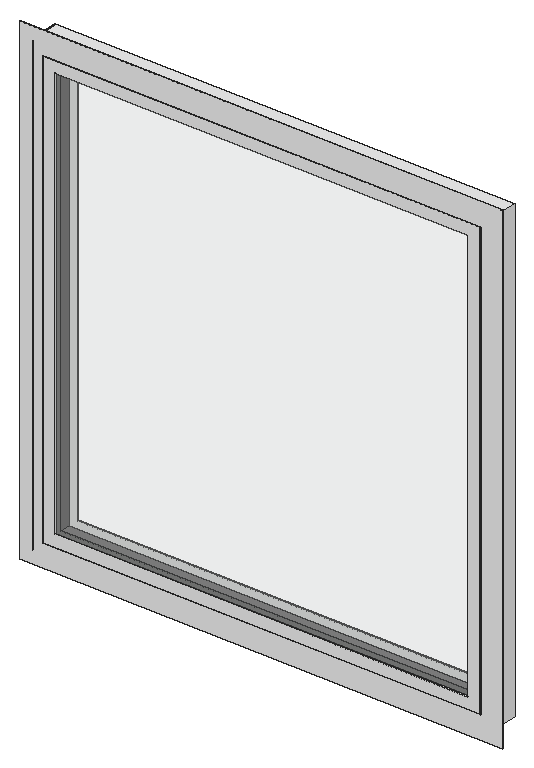
Revit family "Casement_34_F_Side_Hung_Standard", category Windows, host Wall, Revit 2014
Parameters (values of type "Casement_Sash_DG")
  Width Sash [instance] = 30 mm
  Width Sash Inner = 15 mm
  Width Bead = 15 mm
  Top Hung [instance] = yes
  Side Hung Right [instance] = yes
  Side Hung Left [instance] = yes
  Sash Opening Width [instance] = 600 mm
  Sash Opening Height [instance] = 600.312 mm
  Sash Lip = 15 mm
  Glazing Material [instance] = Glass
  DG Start Piece 2 [instance] = DG End Piece 1 + DG Gasket Thickness  # 25 mm
  DG Start Peice 1 [instance] = (Depth Sash - (2 * DG Glazing Thickness) - DG Gasket Thickness) / 2  # 6.6 mm
  Glazing Offset = 5 mm
  DG Glazing Thickness [instance] = 6.4 mm
  DG Gasket Thickness = 12 mm  # constant formula
  DG Gasket Material [instance] = Double Glazing Gasket Material
  DG End Piece 2 [instance] = DG Start Piece 2 + DG Glazing Thickness  # 31.4 mm
  DG End Piece 1 [instance] = DG Start Peice 1 + DG Glazing Thickness  # 13 mm
  Depth Sash [instance] = 38 mm
  Center Vertical Sash [instance] = Sash Opening Height / 2  # 300.156 mm
  Center Horizontal Sash [instance] = Sash Opening Width / 2  # 300 mm
  Bottom Hung [instance] = yes
  Bead Offset = 15 mm
  Aluminium Thickness = 1 mm
  Aluminium Material [instance] = White Powder Coated Aluminium
Reference planes
  plane 1 "Center (Front/Back)": y = 0
  plane 2: z = 0
  plane 3 "Center (Left/Right)": x = 0
Forms (mm)
  Sweep 1, solid, material "White Powder Coated Aluminium" <- "Aluminium Material"
    path origin (16.177, 0, 121.331) x (1, 0, 0) y (0, 0, 1)
      loop
        line (0, 0) -> (600, 0) -> (600, 600.312) -> (0, 600.312) -> (0, 0)
    profile origin (316.177, 0, 121.331) x (0, 0, 1) y (0, -1, 0)
      loop
        line (0, 0) -> (30, 0) -> (30, 1) -> (15, 1) -> (15, 38) -> (-15, 38) -> (-15, 37) -> (0, 37) -> (0, 0)
      loop
        line (14, 1) -> (14, 37) -> (1, 37) -> (1, 1) -> (14, 1)
  Sweep 2, solid, material "White Powder Coated Aluminium" <- "Aluminium Material"
    path origin (0, 0, 0) x (1, 0, 0) y (0, 0, 1)
      loop
        line (31.177, 706.643) -> (31.177, 136.331) -> (601.177, 136.331) -> (601.177, 706.643) -> (31.177, 706.643)
    profile origin (316.177, 0, 706.643) x (0, 0, 1) y (0, -1, 0)
      loop
        line (0, 37) -> (0, 38) -> (-15, 38) -> (-15, 37) -> (0, 37)
  Extrusion 3, solid, material "Glass" <- "Glazing Material"
    sketch origin (0, 0, 0) x (1, 0, 0) y (0, 0, 1)
      loop
        line (36.177, 701.643) -> (36.177, 141.331) -> (596.177, 141.331) -> (596.177, 701.643) -> (36.177, 701.643)
    from 6.6 <- "DG Start Peice 1" to 13 <- "DG End Piece 1"
  Extrusion 4, solid, material "Glass" <- "Glazing Material"
    sketch origin (0, 0, 0) x (1, 0, 0) y (0, 0, 1)
      loop
        line (36.177, 701.643) -> (36.177, 141.331) -> (596.177, 141.331) -> (596.177, 701.643) -> (36.177, 701.643)
    from 31.4 <- "DG End Piece 2" to 25 <- "DG Start Piece 2"
  Sweep 5, solid, material "Double Glazing Gasket Material" <- "DG Gasket Material"
    path origin (0, -13, 0) x (1, 0, 0) y (0, 0, 1)
      loop
        line (36.177, 701.643) -> (36.177, 141.331) -> (596.177, 141.331) -> (596.177, 701.643) -> (36.177, 701.643)
    profile origin (316.177, -13, 701.643) x (0, 0, 1) y (0, -1, 0)
      loop
        line (0, 0) -> (0, 12) -> (-7.96, 12) -> (-7.96, 0) -> (0, 0)
Lines and regions (mm)
  model lines
    curve 1: line (1.177, -38, 736.643) -> (31.177, -38, 706.643)
    curve 2: line (601.177, -38, 706.643) -> (631.177, -38, 736.643)
    curve 3: line (601.177, -38, 136.331) -> (631.177, -38, 106.331)
    curve 4: line (1.177, -38, 106.331) -> (31.177, -38, 136.331)
    curve 5: line (631.177, -37, 736.643) -> (616.177, -37, 721.643)
    curve 6: line (1.177, -37, 736.643) -> (16.177, -37, 721.643)
    curve 7: line (1.177, -37, 106.331) -> (16.177, -37, 121.331)
    curve 8: line (631.177, -37, 106.331) -> (616.177, -37, 121.331)
    curve 9: line (616.177, 0, 121.331) -> (586.177, 0, 151.331)
    curve 10: line (46.177, 0, 151.331) -> (16.177, 0, 121.331)
    curve 11: line (616.177, 0, 721.643) -> (586.177, 0, 691.643)
    curve 12: line (46.177, 0, 691.643) -> (16.177, 0, 721.643)
    curve 13: line (31.177, -38, 691.643) -> (46.177, -38, 691.643)
    curve 14: line (586.177, -38, 691.643) -> (601.177, -38, 691.643)
    curve 15: line (586.177, -38, 151.331) -> (601.177, -38, 151.331)
    curve 16: line (31.177, -38, 151.331) -> (46.177, -38, 151.331)
  model lines, style "GenericModelHiddenLines", visible <- "Top Hung"
    curve 17: line (46.386, -31.4, 690.914) -> (316.177, -31.4, 151.331)
    curve 18: line (316.177, -31.4, 151.331) -> (586.177, -31.4, 691.331)
  model lines, style "GenericModelHiddenLines", visible <- "Bottom Hung"
    curve 19: line (46.177, -31.4, 151.331) -> (316.177, -31.4, 691.331)
    curve 20: line (316.177, -31.4, 691.331) -> (586.177, -31.4, 151.331)
  model lines, style "GenericModelHiddenLines", visible <- "Side Hung Left"
    curve 21: line (46.386, -31.4, 690.914) -> (585.24, -31.4, 421.487)
    curve 22: line (585.24, -31.4, 421.487) -> (46.177, -31.4, 151.331)
  model lines, style "GenericModelHiddenLines", visible <- "Side Hung Right"
    curve 23: line (586.177, -31.4, 691.331) -> (46.177, -31.4, 421.487)
    curve 24: line (46.177, -31.4, 421.487) -> (586.177, -31.4, 151.331)
Dimensions and locks
  "Aluminium Thickness": Sweep 1 sketch curve to Sweep 1 sketch curve  (x4)
  "Depth Sash": Sweep 1 sketch curve to Sweep 1 sketch curve
  "Sash Opening Width": Sweep 1 to Sweep 1
  "Sash Opening Height": Sweep 1 to Sweep 1
  "Width Sash": Sweep 1 sketch curve to Sweep 1 sketch curve  (x2)
  "Width Sash Inner": Sweep 1 sketch curve to Sweep 1 sketch curve
  "Sash Lip": Sweep 1 sketch curve to Sweep 1 sketch curve
  "Aluminium Thickness": Sweep 1 to Sweep 2 sketch curve
  "Glazing Offset": Sweep 2 to Extrusion 3 sketch curve  (x3)
  "Glazing Offset": Extrusion 3 sketch curve to Sweep 2
  Sweep 1 to Sweep 1 = 1 mm
  "Aluminium Thickness": Sweep 2 sketch curve to Sweep 2 sketch curve
  "Width Bead": Sweep 2 sketch curve to Sweep 2 sketch curve
  locked: Sweep 5 sketch curve to Sweep 5 sketch curve at 7.96
  "Center Horizontal Sash": Sweep 1 to curve 18
  "Center Horizontal Sash": Sweep 1 to curve 20
  "Center Vertical Sash": Sweep 1 to curve 22
  "Center Vertical Sash": Sweep 1 to curve 24
  aligned and locked: level to plane 2
  aligned and locked: Sweep 1 sketch curve to Sweep 1 sketch curve  (x2)
  aligned and locked: Sweep 2 sketch curve to Sweep 1  (x5)
  aligned and locked: Extrusion 4 sketch curve to Extrusion 3  (x4)
  aligned and locked: Sweep 5 sketch curve to Extrusion 3  (x5)
  aligned and locked: Extrusion 3 to Sweep 5 sketch curve
Automatic sketch dimensions
  plane 3 "Center (Left/Right)" to Sweep 1 sketch curve = 16.177 mm
  level to Sweep 1 sketch curve = 121.331 mm
  plane 3 "Center (Left/Right)" to Sweep 1 sketch curve = 616.177 mm
  level to Sweep 1 sketch curve = 721.643 mm
  profile plane to Sweep 5 sketch curve = 12 mm
  curve 7 to Sweep 1 = 0 mm  (x4)
  curve 6 to Sweep 1 = 0 mm  (x3)
  Sweep 1 to curve 6 = 0 mm
  curve 5 to Sweep 1 = 0 mm  (x3)
  curve 8 to Sweep 1 = 0 mm  (x4)
  Sweep 1 to curve 5 = 0 mm
  curve 16 to Sweep 2 = 0 mm  (x3)
  curve 13 to Sweep 2 = 0 mm  (x3)
  curve 15 to Sweep 2 = 0 mm
  Sweep 2 to curve 15 = 0 mm  (x2)
  curve 14 to Sweep 2 = 0 mm  (x2)
  Sweep 2 to curve 14 = 0 mm
  curve 1 to Sweep 1 = 0 mm  (x4)
  curve 4 to Sweep 1 = 0 mm  (x3)
  Sweep 1 to curve 4 = 0 mm
  curve 3 to Sweep 1 = 0 mm  (x3)
  curve 2 to Sweep 1 = 0 mm  (x4)
  Sweep 1 to curve 3 = 0 mm
  curve 10 to Sweep 1 = 0 mm  (x4)
  curve 12 to Sweep 1 = 0 mm  (x3)
  Sweep 1 to curve 12 = 0 mm
  curve 9 to Sweep 1 = 0 mm  (x4)
  curve 11 to Sweep 1 = 0 mm  (x3)
  Sweep 1 to curve 11 = 0 mm
  Sweep 1 sketch curve to plane 1 "Center (Front/Back)" = 0 mm
  profile plane to Sweep 1 sketch curve = 0 mm
  curve 21 to Extrusion 4 = 10.208 mm
  curve 19 to Extrusion 4 = 10 mm
  curve 23 to Extrusion 4 = 10 mm  (x2)
  curve 22 to Extrusion 4 = 10.937 mm
  curve 20 to Extrusion 4 = 10 mm
  curve 24 to Extrusion 4 = 10 mm
  curve 22 to Extrusion 4 = 10 mm
  curve 18 to Extrusion 4 = 10 mm
  curve 21 to Extrusion 4 = 10.729 mm
  curve 19 to Extrusion 4 = 10.312 mm
  curve 18 to Extrusion 4 = 10.312 mm
Types in the file's own list only (12): name | Windload Design | Width Sash Right Opening | Width Sash Left Opening | Width Sash Right | Width Sash Left | Width Profile | Width Fixed Panel Right | Width Fixed Panel Left | Width Fixed Panel Center | Width | URL | Standard Mullion Different | Offset Window Exterior | Max System DG Unit Thickness | Max System DG One Piece Thickness | Max Pane Area | Intruderprufe U Value | Intruderprufe SHGC Value | Intruderprufe LowE SHGC Value | Height Fixed Panel Right | Height Fixed Panel Left | Height | Energy Advantage U Value | Energy Advantage SHGC Value | DG Thickness Calc | Custom Window Width | Custom Window Height | Window Exterior Offset | Custom Windload | Custom Sash Right Width | Custom Sash Right Height | Custom Sash Left Width | Custom Sash Left Height | Side Hung Right | Sash Spacing Inner | Sash Overlap | Sash Center Offset | SG Gasket Thickness | Offset Sash Side | Offset Sash Top | Offset Mullion Right | Offset Fixed Panel Center Left | Offset Mullion Left | Offset Transom Right Top | Offset Transom Left Top | Offset Bead Center Reversed | Model | Manufacturer | Limit Window Width Min | Limit Window Width Max | Limit Window Height Min | Limit Window Height Max | Limit Sash Width Min | Limit Sash Width Max | Limit Sash Height Min | Limit Sash Height Max | Limit Fixed Pane Width Min | Limit Fixed Pane Width Max | Limit Fixed Pane Height Min | Limit Fixed Pane Height Max | Length Transom Right | Length Transom Left | Length Mullion | Height Sash Right Opening | Height Sash Right | Height Sash Left Opening | Height Sash Left | Height Fixed Panel Center | Description | Depth Mullion | Frame Center Offset | Depth Bead | Default Sill Height | Wall Closure | DG Gasket Finish | DG Extrusion Start | Mullion Depth Windload Based | Corrected Mullion Size | Clearvue U Value | Clearvue SHGC Value | Clearvue Insulated U Value | Clearvue Insulated SHGC Value | Clearvue Insulated LowE U Value | Clearvue Insulated LowE SHGC Value | Casement Dimension | Bead SG Gap | Area Pane Right Top | Area Pane Right Bottom | Area Pane Middle | Area Pane Left Top | Area Pane Left Bottom
  34-1815SS-1000Pa | 1000 mm | 554 mm | 554 mm | 524 mm | 524 mm | 30 mm | 540 mm | 540 mm | 590 mm | 1790 mm | "http://www.crealco.co.za/crealco-products.php" | 0 mm | 17 mm | 20 mm | 4 mm | 0.82 m² | 6.32 | 0.643 | 0.573 | 260 mm | 260 mm | 1490 mm | 5.03 | 0.612 | 4 mm | 1790 mm | 1490 mm | 0 mm | 1000 mm | 554 mm | 1154 mm | 554 mm | 1154 mm | No | 8 mm | 7 mm | 14 mm | 6 mm | 23 mm | 23 mm | 570 mm | 600 mm | 570 mm | 1170 mm | 1170 mm | 17 mm | "Casement 34" | "Crealco" | 1400 mm | 2700 mm | 1430 mm | 1860 mm | 300 mm | 700 mm | 300 mm | 1500 mm | 200 mm | 1500 mm | 200 mm | 1800 mm | 540 mm | 540 mm | 1490 mm | 1154 mm | 1124 mm | 1154 mm | 1124 mm | 1430 mm | "Window 34mm, Type F side hung" | 54 mm | 17 mm | 20 mm | 800 mm | By host | Double Glazing Gasket Material | 7 mm | 54 mm | 0 mm | 6.65 | 0.682 | 4.15 | 0.625 | 3.73 | 0.552 | 34 mm | 13 mm | 0.52 m² | 0.13 m² | 0.82 m² | 0.52 m² | 0.13 m²
  34-1815SS-1500Pa | 1500 mm | 554 mm | 554 mm | 524 mm | 524 mm | 30 mm | 540 mm | 540 mm | 590 mm | 1790 mm | "http://www.crealco.co.za/crealco-products.php" | 0 mm | 17 mm | 20 mm | 4 mm | 0.82 m² | 6.32 | 0.643 | 0.573 | 260 mm | 260 mm | 1490 mm | 5.03 | 6.12 | 4 mm | 1790 mm | 1490 mm | 0 mm | 1500 mm | 554 mm | 1154 mm | 554 mm | 1154 mm | No | 8 mm | 7 mm | 14 mm | 6 mm | 23 mm | 23 mm | 570 mm | 600 mm | 570 mm | 1170 mm | 1170 mm | 17 mm | "Casement 34" | "Crealco" | 1400 mm | 2700 mm | 1430 mm | 1860 mm | 300 mm | 700 mm | 300 mm | 1500 mm | 200 mm | 1500 mm | 200 mm | 1800 mm | 540 mm | 540 mm | 1490 mm | 1154 mm | 1124 mm | 1154 mm | 1124 mm | 1430 mm | "Window 34mm, Type F side hung" | 54 mm | 17 mm | 20 mm | 800 mm | By host | Double Glazing Gasket Material | 7 mm | 54 mm | 0 mm | 6.65 | 6.85 | 4.15 | 0.625 | 3.73 | 0.552 | 34 mm | 13 mm | 0.52 m² | 0.13 m² | 0.82 m² | 0.52 m² | 0.13 m²
  34-1815SS-2000Pa | 2000 mm | 554 mm | 554 mm | 524 mm | 524 mm | 30 mm | 540 mm | 540 mm | 590 mm | 1790 mm | "http://www.crealco.co.za/crealco-products.php" | 1 mm | 17 mm | 20 mm | 4 mm | 0.82 m² | 6.32 | 0.643 | 0.573 | 260 mm | 260 mm | 1490 mm | 5.03 | 0.612 | 4 mm | 1790 mm | 1490 mm | 0 mm | 2000 mm | 554 mm | 1154 mm | 554 mm | 1154 mm | No | 8 mm | 7 mm | 14 mm | 6 mm | 23 mm | 23 mm | 570 mm | 600 mm | 570 mm | 1170 mm | 1170 mm | 17 mm | "Casement 34" | "Crealco" | 1400 mm | 2700 mm | 1430 mm | 1860 mm | 300 mm | 700 mm | 300 mm | 1500 mm | 200 mm | 1500 mm | 200 mm | 1800 mm | 540 mm | 540 mm | 1490 mm | 1154 mm | 1124 mm | 1154 mm | 1124 mm | 1430 mm | "Window 34mm, Type F side hung" | 54 mm | 17 mm | 20 mm | 800 mm | By host | Double Glazing Gasket Material | 7 mm | 54 mm | 54 mm | 6.65 | 0.682 | 4.15 | 0.625 | 3.73 | 0.552 | 34 mm | 13 mm | 0.52 m² | 0.13 m² | 0.82 m² | 0.52 m² | 0.13 m²
  34-2415SS-1000Pa | 1000 mm | 554 mm | 554 mm | 524 mm | 524 mm | 30 mm | 540 mm | 540 mm | 1190 mm | 2390 mm | "http://www.crealco.co.za/crealco-products.php" | 0 mm | 17 mm | 20 mm | 4 mm | 1.68 m² | 6.53 | 0.71 | 0.631 | 260 mm | 260 mm | 1490 mm | 7.9 | 0 | 4 mm | 2390 mm | 1490 mm | 0 mm | 1000 mm | 554 mm | 1154 mm | 554 mm | 1154 mm | No | 8 mm | 7 mm | 14 mm | 6 mm | 23 mm | 23 mm | 570 mm | 600 mm | 570 mm | 1170 mm | 1170 mm | 17 mm | "Casement 34" | "Crealco" | 1400 mm | 2700 mm | 1430 mm | 1860 mm | 300 mm | 700 mm | 300 mm | 1500 mm | 200 mm | 1500 mm | 200 mm | 1800 mm | 540 mm | 540 mm | 1490 mm | 1154 mm | 1124 mm | 1154 mm | 1124 mm | 1430 mm | "Window 34mm, Type F side hung" | 54 mm | 17 mm | 20 mm | 800 mm | By host | Double Glazing Gasket Material | 7 mm | 54 mm | 0 mm | 7.9 | 0 | 4.06 | 0.682 | 3.52 | 0.608 | 34 mm | 13 mm | 0.52 m² | 0.13 m² | 1.68 m² | 0.52 m² | 0.13 m²
  34-2415SS-1500Pa | 1500 mm | 554 mm | 554 mm | 524 mm | 524 mm | 30 mm | 540 mm | 540 mm | 1190 mm | 2390 mm | "http://www.crealco.co.za/crealco-products.php" | 0 mm | 17 mm | 20 mm | 4 mm | 1.68 m² | 6.53 | 0.71 | 0.631 | 260 mm | 260 mm | 1490 mm | 7.9 | 0 | 4 mm | 2390 mm | 1490 mm | 0 mm | 1500 mm | 554 mm | 1154 mm | 554 mm | 1154 mm | No | 8 mm | 7 mm | 14 mm | 6 mm | 23 mm | 23 mm | 570 mm | 600 mm | 570 mm | 1170 mm | 1170 mm | 17 mm | "Casement 34" | "Crealco" | 1400 mm | 2700 mm | 1430 mm | 1860 mm | 300 mm | 700 mm | 300 mm | 1500 mm | 200 mm | 1500 mm | 200 mm | 1800 mm | 540 mm | 540 mm | 1490 mm | 1154 mm | 1124 mm | 1154 mm | 1124 mm | 1430 mm | "Window 34mm, Type F side hung" | 54 mm | 17 mm | 20 mm | 800 mm | By host | Double Glazing Gasket Material | 7 mm | 54 mm | 0 mm | 7.9 | 0 | 4.06 | 0.682 | 3.52 | 0.608 | 34 mm | 13 mm | 0.52 m² | 0.13 m² | 1.68 m² | 0.52 m² | 0.13 m²
  34-2415SS-2000Pa | 2000 mm | 554 mm | 554 mm | 524 mm | 524 mm | 30 mm | 540 mm | 540 mm | 1190 mm | 2390 mm | "http://www.crealco.co.za/crealco-products.php" | 0 mm | 17 mm | 20 mm | 4 mm | 1.68 m² | 6.74 | 0.712 | 0.631 | 260 mm | 260 mm | 1490 mm | 7.9 | 0 | 4 mm | 2390 mm | 1490 mm | 0 mm | 2000 mm | 554 mm | 1154 mm | 554 mm | 1154 mm | No | 8 mm | 7 mm | 14 mm | 6 mm | 23 mm | 23 mm | 570 mm | 600 mm | 570 mm | 1170 mm | 1170 mm | 17 mm | "Casement 34" | "Crealco" | 1400 mm | 2700 mm | 1430 mm | 1860 mm | 300 mm | 700 mm | 300 mm | 1500 mm | 200 mm | 1500 mm | 200 mm | 1800 mm | 540 mm | 540 mm | 1490 mm | 1154 mm | 1124 mm | 1154 mm | 1124 mm | 1430 mm | "Window 34mm, Type F side hung" | 70 mm | 17 mm | 20 mm | 800 mm | By host | Double Glazing Gasket Material | 7 mm | 70 mm | 0 mm | 7.9 | 0 | 4.21 | 0.67 | 3.57 | 0.61 | 34 mm | 13 mm | 0.52 m² | 0.13 m² | 1.68 m² | 0.52 m² | 0.13 m²
  34-1818SS-1000Pa | 1000 mm | 554 mm | 554 mm | 524 mm | 524 mm | 30 mm | 540 mm | 540 mm | 590 mm | 1790 mm | "http://www.crealco.co.za/crealco-products.php" | 0 mm | 17 mm | 20 mm | 4 mm | 1.00 m² | 6.63 | 0.692 | 0.616 | 560 mm | 560 mm | 1790 mm | 5.21 | 0.658 | 4 mm | 1790 mm | 1790 mm | 0 mm | 1000 mm | 554 mm | 1154 mm | 554 mm | 1154 mm | No | 8 mm | 7 mm | 14 mm | 6 mm | 23 mm | 23 mm | 570 mm | 600 mm | 570 mm | 1170 mm | 1170 mm | 17 mm | "Casement 34" | "Crealco" | 1400 mm | 2700 mm | 1430 mm | 1860 mm | 300 mm | 700 mm | 300 mm | 1500 mm | 200 mm | 1500 mm | 200 mm | 1800 mm | 540 mm | 540 mm | 1790 mm | 1154 mm | 1124 mm | 1154 mm | 1124 mm | 1730 mm | "Window 34mm, Type F side hung" | 54 mm | 17 mm | 20 mm | 800 mm | By host | Double Glazing Gasket Material | 7 mm | 54 mm | 0 mm | 6.97 | 0.734 | 4.27 | 0.67 | 3.8 | 0.594 | 34 mm | 13 mm | 0.52 m² | 0.29 m² | 1.00 m² | 0.52 m² | 0.29 m²
  34-1818SS-1500Pa | 1500 mm | 554 mm | 554 mm | 524 mm | 524 mm | 30 mm | 540 mm | 540 mm | 590 mm | 1790 mm | "http://www.crealco.co.za/crealco-products.php" | 0 mm | 17 mm | 20 mm | 4 mm | 1.00 m² | 6.9 | 0.694 | 0.617 | 560 mm | 560 mm | 1790 mm | 5.32 | 0.658 | 4 mm | 1790 mm | 1790 mm | 0 mm | 1500 mm | 554 mm | 1154 mm | 554 mm | 1154 mm | No | 8 mm | 7 mm | 14 mm | 6 mm | 23 mm | 23 mm | 570 mm | 600 mm | 570 mm | 1170 mm | 1170 mm | 17 mm | "Casement 34" | "Crealco" | 1400 mm | 2700 mm | 1430 mm | 1860 mm | 300 mm | 700 mm | 300 mm | 1500 mm | 200 mm | 1500 mm | 200 mm | 1800 mm | 540 mm | 540 mm | 1790 mm | 1154 mm | 1124 mm | 1154 mm | 1124 mm | 1730 mm | "Window 34mm, Type F side hung" | 70 mm | 17 mm | 20 mm | 800 mm | By host | Double Glazing Gasket Material | 7 mm | 70 mm | 0 mm | 7.05 | 0.735 | 4.46 | 0.655 | 3.86 | 0.596 | 34 mm | 13 mm | 0.52 m² | 0.29 m² | 1.00 m² | 0.52 m² | 0.29 m²
  34-1818SS-2000Pa | 2000 mm | 554 mm | 554 mm | 524 mm | 524 mm | 30 mm | 540 mm | 540 mm | 590 mm | 1790 mm | "http://www.crealco.co.za/crealco-products.php" | 0 mm | 17 mm | 20 mm | 4 mm | 1.00 m² | 6.9 | 0.962 | 0.617 | 560 mm | 560 mm | 1790 mm | 5.32 | 0.658 | 4 mm | 1790 mm | 1790 mm | 0 mm | 2000 mm | 554 mm | 1154 mm | 554 mm | 1154 mm | No | 8 mm | 7 mm | 14 mm | 6 mm | 23 mm | 23 mm | 570 mm | 600 mm | 570 mm | 1170 mm | 1170 mm | 17 mm | "Casement 34" | "Crealco" | 1400 mm | 2700 mm | 1430 mm | 1860 mm | 300 mm | 700 mm | 300 mm | 1500 mm | 200 mm | 1500 mm | 200 mm | 1800 mm | 540 mm | 540 mm | 1790 mm | 1154 mm | 1124 mm | 1154 mm | 1124 mm | 1730 mm | "Window 34mm, Type F side hung" | 70 mm | 17 mm | 20 mm | 800 mm | By host | Double Glazing Gasket Material | 7 mm | 70 mm | 0 mm | 7.05 | 0.735 | 4.46 | 0.655 | 3.86 | 0.596 | 34 mm | 13 mm | 0.52 m² | 0.29 m² | 1.00 m² | 0.52 m² | 0.29 m²
  34-2418SS-1000Pa | 1000 mm | 554 mm | 554 mm | 524 mm | 524 mm | 30 mm | 540 mm | 540 mm | 1190 mm | 2390 mm | "http://www.crealco.co.za/crealco-products.php" | 0 mm | 17 mm | 20 mm | 4 mm | 2.03 m² | 7.26 | 0.785 | 0.695 | 560 mm | 560 mm | 1790 mm | 7.9 | 0 | 4 mm | 2390 mm | 1790 mm | 0 mm | 1000 mm | 554 mm | 1154 mm | 554 mm | 1154 mm | No | 8 mm | 7 mm | 14 mm | 6 mm | 23 mm | 23 mm | 570 mm | 600 mm | 570 mm | 1170 mm | 1170 mm | 17 mm | "Casement 34" | "Crealco" | 1400 mm | 2700 mm | 1430 mm | 1860 mm | 300 mm | 700 mm | 300 mm | 1500 mm | 200 mm | 1500 mm | 200 mm | 1800 mm | 540 mm | 540 mm | 1790 mm | 1154 mm | 1124 mm | 1154 mm | 1124 mm | 1730 mm | "Window 34mm, Type F side hung" | 70 mm | 17 mm | 20 mm | 800 mm | By host | Double Glazing Gasket Material | 7 mm | 70 mm | 0 mm | 7.9 | 0 | 4.46 | 0.738 | 3.75 | 0.672 | 34 mm | 13 mm | 0.52 m² | 0.29 m² | 2.03 m² | 0.52 m² | 0.29 m²
  34-2418SS-1500Pa | 1500 mm | 554 mm | 554 mm | 524 mm | 524 mm | 30 mm | 540 mm | 540 mm | 1190 mm | 2390 mm | "http://www.crealco.co.za/crealco-products.php" | 0 mm | 17 mm | 20 mm | 4 mm | 2.03 m² | 7.26 | 0.785 | 0.695 | 560 mm | 560 mm | 1790 mm | 7.9 | 0 | 4 mm | 2390 mm | 1790 mm | 0 mm | 1500 mm | 554 mm | 1154 mm | 554 mm | 1154 mm | No | 8 mm | 7 mm | 14 mm | 6 mm | 23 mm | 23 mm | 570 mm | 600 mm | 570 mm | 1170 mm | 1170 mm | 17 mm | "Casement 34" | "Crealco" | 1400 mm | 2700 mm | 1430 mm | 1860 mm | 300 mm | 700 mm | 300 mm | 1500 mm | 200 mm | 1500 mm | 200 mm | 1800 mm | 540 mm | 540 mm | 1790 mm | 1154 mm | 1124 mm | 1154 mm | 1124 mm | 1730 mm | "Window 34mm, Type F side hung" | 70 mm | 17 mm | 20 mm | 800 mm | By host | Double Glazing Gasket Material | 7 mm | 70 mm | 0 mm | 7.9 | 0 | 4.46 | 0.738 | 3.75 | 0.672 | 34 mm | 13 mm | 0.52 m² | 0.29 m² | 2.03 m² | 0.52 m² | 0.29 m²
  34-2418SS-2000Pa | 2000 mm | 554 mm | 554 mm | 524 mm | 524 mm | 30 mm | 540 mm | 540 mm | 1190 mm | 2390 mm | "http://www.crealco.co.za/crealco-products.php" | 0 mm | 17 mm | 20 mm | 4 mm | 2.03 m² | 7.26 | 0.785 | 0.695 | 560 mm | 560 mm | 1790 mm | 7.9 | 0 | 4 mm | 2390 mm | 1790 mm | 0 mm | 2000 mm | 554 mm | 1154 mm | 554 mm | 1154 mm | No | 8 mm | 7 mm | 14 mm | 6 mm | 23 mm | 23 mm | 570 mm | 600 mm | 570 mm | 1170 mm | 1170 mm | 17 mm | "Casement 34" | "Crealco" | 1400 mm | 2700 mm | 1430 mm | 1860 mm | 300 mm | 700 mm | 300 mm | 1500 mm | 200 mm | 1500 mm | 200 mm | 1800 mm | 540 mm | 540 mm | 1790 mm | 1154 mm | 1124 mm | 1154 mm | 1124 mm | 1730 mm | "Window 34mm, Type F side hung" | 70 mm | 17 mm | 20 mm | 800 mm | By host | Double Glazing Gasket Material | 7 mm | 70 mm | 0 mm | 7.9 | 0 | 4.46 | 0.738 | 3.75 | 0.672 | 34 mm | 13 mm | 0.52 m² | 0.29 m² | 2.03 m² | 0.52 m² | 0.29 m²
